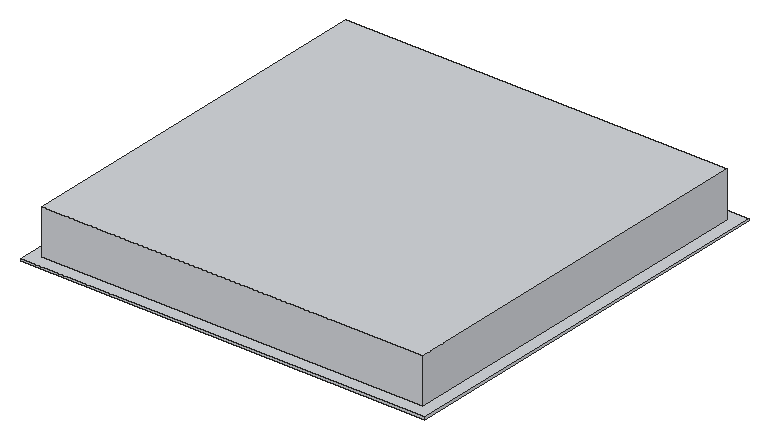
Revit family "CQ-Panel", category Generic Models, host Ceiling, Revit 2011
Parameters (values of type "4'x4'")
  Width = 46 3/4"
  URL = "http://www.wengercorp.com/Home/Contact.html"
  Type Comments = "Rectangular"
  Thickness = 5 1/4"
  Part Number = "175A020"
  Os-Trim = 2 13/16"
  Manufacturer = "Wenger Corporation"
  Length = 46 3/4"
  Keynote = "Wenger Acoustic Quadratic Diffuser Panel"
  Is-Trim = 3"
  Description = "Acoustic Panel"
  2nd Thickness = 1/4"
Reference planes (in)
  plane 1 "Center (Front/Back)": y = 0
  plane 2 "Ceiling": z = 96
  plane 3 "Center (Left/Right)": x = 0
  plane 4 "Right Side": x = -23.375
  plane 5 "Left Side": x = 23.375
  plane 6: x = 20.5625
  plane 7: x = -20.5625
  plane 8: x = -8.82292
  plane 9: x = -5.82292
  plane 10: x = 8.82292
  plane 11: x = 5.82292
  plane 12 "Front": y = -23.375
  plane 13 "Back": y = 23.375
  plane 14: y = -20.5625
  plane 15: y = 20.5625
  plane 16: x = -21.96875
  plane 17: x = -7.32292
  plane 18: x = 7.32292
  plane 19: x = 21.96875
  plane 20 "Top Thickness": z = 101.25
  plane 21 "Bottom Thickness": z = 95.75
  plane 22: y = 21.96875
  plane 23: y = -21.96875
Forms (in)
  Extrusion 1, solid
    sketch origin (0, 0, 96) x (1, 0, 0) y (0, 1, 0)
      loop
        line (-23.375, 23.375) -> (-23.375, -23.375) -> (23.375, -23.375) -> (23.375, 23.375) -> (-23.375, 23.375)
    from 0 to -0.25
  Extrusion 2, solid
    sketch origin (0, 0, 96) x (1, 0, 0) y (0, 1, 0)
      loop
        line (-21.96875, 21.96875) -> (-21.96875, -21.96875) -> (21.96875, -21.96875) -> (21.96875, 21.96875) -> (-21.96875, 21.96875)
    from 0 to 5.25 <- "Thickness"
  Extrusion 3, void
    sketch origin (0, 0, 95.75) x (0, -1, 0) y (1, 0, 0)
      loop
        line (-20.5625, -20.5625) -> (20.5625, -20.5625) -> (20.5625, -8.82292) -> (-20.5625, -8.82292) -> (-20.5625, -20.5625)
      loop
        line (-20.5625, -5.82292) -> (20.5625, -5.82292) -> (20.5625, 5.82292) -> (-20.5625, 5.82292) -> (-20.5625, -5.82292)
      loop
        line (-20.5625, 8.82292) -> (20.5625, 8.82292) -> (20.5625, 20.5625) -> (-20.5625, 20.5625) -> (-20.5625, 8.82292)
    from 0 to 5.25 <- "Thickness"
Cuts and joins
  Extrusion 3 cuts Extrusion 1
  Extrusion 3 cuts Extrusion 2
  joined: Extrusion 1, Extrusion 2
Dimensions and locks (in)
  equal spacing: host sketch curve, plane 3 "Center (Left/Right)", host sketch curve
  equal spacing: host sketch curve, plane 1 "Center (Front/Back)", host sketch curve
  host sketch curve to host sketch curve = 120"  (x2)
  "Length": plane 13 "Back" to plane 12 "Front"
  "Width": plane 4 "Right Side" to plane 5 "Left Side"
  "Os-Trim": plane 4 "Right Side" to plane 7
  "Is-Trim": plane 8 to plane 9
  "Is-Trim": plane 11 to plane 10
  "Os-Trim": plane 13 "Back" to plane 15
  "Os-Trim": plane 14 to plane 12 "Front"
  "Os-Trim": plane 6 to plane 5 "Left Side"
  equal spacing: plane 13 "Back", plane 1 "Center (Front/Back)", plane 12 "Front"
  equal spacing: plane 4 "Right Side", plane 16, plane 7
  equal spacing: plane 8, plane 17, plane 9
  equal spacing: plane 11, plane 18, plane 10
  equal spacing: plane 6, plane 19, plane 5 "Left Side"
  "Thickness": plane 20 "Top Thickness" to plane 2 "Ceiling"
  "2nd Thickness": plane 2 "Ceiling" to plane 21 "Bottom Thickness"
  equal spacing: plane 16, plane 17, plane 18, plane 19
  equal spacing: plane 13 "Back", plane 22, plane 15
  equal spacing: plane 14, plane 23, plane 12 "Front"
  aligned and locked: plane 4 "Right Side" to Extrusion 1 sketch curve
  aligned and locked: plane 12 "Front" to Extrusion 1 sketch curve
  aligned and locked: Extrusion 1 sketch curve to plane 5 "Left Side"
  aligned and locked: Extrusion 1 sketch curve to plane 13 "Back"
  aligned and locked: Extrusion 2 sketch curve to plane 22
  aligned and locked: Extrusion 2 sketch curve to plane 19
  aligned and locked: plane 23 to Extrusion 2 sketch curve
  aligned and locked: plane 16 to Extrusion 2 sketch curve
  aligned and locked: Extrusion 3 sketch curve to plane 15  (x3)
  aligned and locked: plane 7 to Extrusion 3 sketch curve
  aligned and locked: plane 14 to Extrusion 3 sketch curve  (x3)
  aligned and locked: Extrusion 3 sketch curve to plane 8
  aligned and locked: plane 9 to Extrusion 3 sketch curve
  aligned and locked: Extrusion 3 sketch curve to plane 11
  aligned and locked: Extrusion 3 sketch curve to plane 6
  aligned and locked: plane 10 to Extrusion 3 sketch curve
